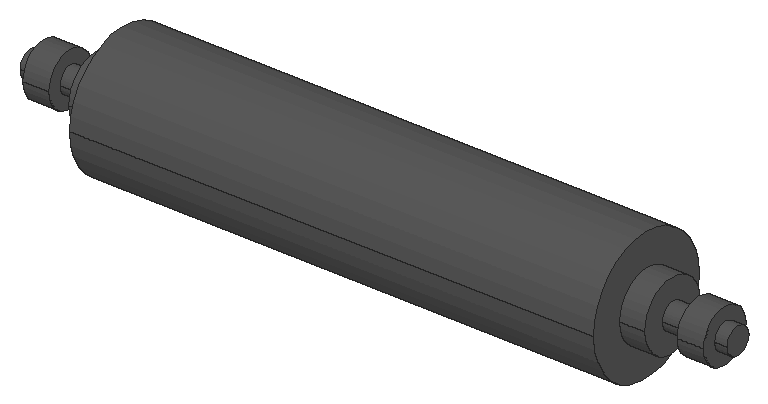
Revit family "STS-182А_RV17_LOD400 (06.11.23)", category Электрооборудование, Revit 2017
Family settings
  Конфигурация панели = Два столбца, слева направо
  Размер круглого соединителя = Использовать диаметр
  Тип детали = Щит
  На основе рабочей плоскости = Нет
  Всегда вертикально = Нет
  При загрузке вырезать с полостями = Нет
  Общий = Нет
  Точка расчета площади = Нет
Parameters (values of type "STS-182А")
  Смещение_УГО_Y [instance] = 0 mm
  Смещение_УГО_X [instance] = 0 mm
  Раздел проекта [instance] = ""
  Раздел Спецификации [instance] = ""
  Напряжение электропитания, В = "Active PoE IEEE802.3af и IEEE802.3at"
  Мощность = "2"
  Максимальная скорость передачи, до Мбит/с = 100
  Длина физического сегмента, не менее, м = 100 mm
  Диапазон рабочих температур, = "от -40 до +55"
  Время непрерывной работы, ч = "круглосуточно"
  Вариант исполнения = "уличное"
  В_Смещение_УГО_Y [instance] = Смещение_УГО_Y + 2000 mm  # 2000 mm
  В_Смещение_УГО_X [instance] = Смещение_УГО_X + 2000 mm  # 2000 mm
  d_короба = 0 mm
  ADSK_Примечание = ""
  ADSK_Наименование = "Коммутатор STS-182А"
  ADSK_Масса = 0.25
  ADSK_Марка = "СТВФ.426471.143"
  ADSK_Количество = 10
  ADSK_Завод-изготовитель = "ООО «Основа Безопасности»"  # constant formula
  ADSK_Единица измерения = "шт."  # constant formula
  ADSK_URL страницы изделия = "https://stilsoft.ru/products/komutator-sts-182a"
  ADSK_URL документации изделия = ""
Reference planes
  plane 1 "По центру (Вперед/Назад)": y = 0
  plane 2: z = 0
  plane 3 "По центру (Влево/Вправо)": x = 0
  plane 4: y = 2000
  plane 5: x = -2000
  plane 6: x = 0
  plane 7: y = 0
  plane 8: x = 135
  plane 9: x = -135
  plane 10: z = 25
Forms (mm)
  Extrusion 1, solid, material "По умолчанию", detail levels medium+fine
    sketch origin (0, 0, 0) x (0, 1, 0) y (0, 0, 1)
      loop
        circle (0, 25) r 25
    from -100 to 100
  Extrusion 2, solid, material "По умолчанию", detail levels medium+fine
    sketch origin (0, 0, 0) x (0, 1, 0) y (0, 0, 1)
      loop
        circle (0, 25) r 5
    from -100 to -135
  Extrusion 3, solid, material "По умолчанию", detail levels medium+fine
    sketch origin (0, 0, 0) x (0, 1, 0) y (0, 0, 1)
      loop
        circle (0, 25) r 12.971
    from -100 to -110
  Extrusion 4, solid, material "По умолчанию", detail levels medium+fine
    sketch origin (0, 0, 0) x (0, 1, 0) y (0, 0, 1)
      loop
        circle (0, 25) r 10
    from -120 to -130
  Extrusion 5, solid, material "По умолчанию", detail levels medium+fine
    sketch origin (0, 0, 0) x (0, 1, 0) y (0, 0, -1)
      loop
        circle (0, -25) r 5
    from -100 to -135
  Extrusion 6, solid, material "По умолчанию", detail levels medium+fine
    sketch origin (0, 0, 0) x (0, 1, 0) y (0, 0, -1)
      loop
        circle (0, -25) r 12.971
    from -100 to -110
  Extrusion 7, solid, material "По умолчанию", detail levels medium+fine
    sketch origin (0, 0, 0) x (0, 1, 0) y (0, 0, -1)
      loop
        circle (0, -25) r 10
    from -120 to -130
Cuts and joins
  joined: Extrusion 2, Extrusion 3, Extrusion 4
  joined: Extrusion 5, Extrusion 6, Extrusion 7
Dimensions and locks
  locked: plane 4 to plane 1 "По центру (Вперед/Назад)" at 2000
  locked: plane 5 to plane 3 "По центру (Влево/Вправо)" at 2000
  "В_Смещение_УГО_X": plane 5 to plane 6
  "В_Смещение_УГО_Y": plane 4 to plane 7
  aligned and locked: level to plane 2
Automatic sketch dimensions
  Extrusion 1 sketch curve to plane 1 "По центру (Вперед/Назад)" = 0 mm
  Extrusion 1 sketch curve to plane 10 = 0 mm
  Extrusion 2 sketch curve to plane 1 "По центру (Вперед/Назад)" = 0 mm
  Extrusion 2 sketch curve to plane 10 = 0 mm
  Extrusion 3 sketch curve to plane 1 "По центру (Вперед/Назад)" = 0 mm
  Extrusion 3 sketch curve to plane 10 = 0 mm
  Extrusion 4 sketch curve to plane 1 "По центру (Вперед/Назад)" = 0 mm
  Extrusion 4 sketch curve to plane 10 = 0 mm
  Extrusion 5 sketch curve to plane 1 "По центру (Вперед/Назад)" = 0 mm
  Extrusion 5 sketch curve to plane 10 = 0 mm
  Extrusion 6 sketch curve to plane 1 "По центру (Вперед/Назад)" = 0 mm
  Extrusion 6 sketch curve to plane 10 = 0 mm
  Extrusion 7 sketch curve to plane 1 "По центру (Вперед/Назад)" = 0 mm
  Extrusion 7 sketch curve to plane 10 = 0 mm
  radius of Extrusion 1 sketch curve = 25 mm
  radius of Extrusion 2 sketch curve = 5 mm
  radius of Extrusion 3 sketch curve = 12.971 mm
  radius of Extrusion 4 sketch curve = 10 mm
  radius of Extrusion 5 sketch curve = 5 mm
  radius of Extrusion 6 sketch curve = 12.971 mm
  radius of Extrusion 7 sketch curve = 10 mm
Connectors
  electrical at (-135, 0, 25)
    settings: on cut or joined group of Extrusion 2, Extrusion 3, Extrusion 4, index 1, voltage 0 V, apparent load 0 VA, apparent load phase1 0 VA, apparent load phase2 0 VA, apparent load phase3 0 VA, power factor 1, load classification "Прочее", number of poles 1, system type 14, power factor state 1, is connector primary yes, connector utility no, sub classification motor no, connector description ""
  electrical at (135, 0, 25)
    settings: on cut or joined group of Extrusion 5, Extrusion 6, Extrusion 7, index 2, voltage 0 V, apparent load 0 VA, apparent load phase1 0 VA, apparent load phase2 0 VA, apparent load phase3 0 VA, power factor 1, load classification "Прочее", number of poles 1, system type 14, power factor state 1, is connector primary no, connector utility no, sub classification motor no, connector description ""
  cabletrayconduit at (135, 0, 25), driven by "d_короба"
    settings: on cut or joined group of Extrusion 5, Extrusion 6, Extrusion 7, index 3, connector width 300 mm, connector height 300 mm, connector diameter 0 mm, connector angle 0.00°, system type 32, placement type 0, profile type 0, connector reference index -1, is primary connector yes, connector utility param no, connector description ""
  cabletrayconduit at (-135, 0, 25), driven by "d_короба"
    settings: on cut or joined group of Extrusion 2, Extrusion 3, Extrusion 4, index 4, connector width 300 mm, connector height 300 mm, connector diameter 0 mm, connector angle 0.00°, system type 32, placement type 0, profile type 0, connector reference index -1, is primary connector no, connector utility param no, connector description ""
